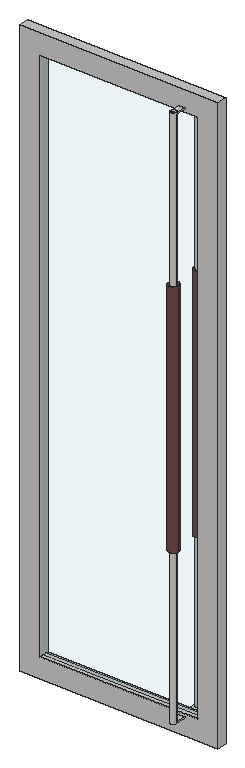
Revit family
Parameters
  프레임폭 = 100.00 mm
  프레임재질 = SSDW_1_스테인레스스틸
  프레임두께 = 50.00 mm
  유리재질 = Glass
  유리두께 = 17.00 mm
  Function = (empty or 0)
  Assembly Code = ""
Reference planes
  plane 1 "Center (Front/Back)": y = 0
  plane 2: z = 0
  plane 3 "Center (Left/Right)": x = -331.877
  plane 4: x = -831.877
  plane 5: x = 168.123
  plane 6 "Top": z = 2920
  plane 7: z = 1460
  plane 8: z = 2840
  plane 9: x = -11.877
  plane 10: z = 80
  plane 11 "AA": y = 80
  plane 12 "BB": y = -80
Forms (mm)
  Sweep 1, solid, material "SSDW_1_스테인레스스틸" <- "프레임재질"
    path origin (0, 0, 0) x (1, 0, 0) y (0, 0, 1)
      loop
        line (168.123, 2920) -> (-831.877, 2920) -> (-831.877, 0) -> (168.123, 0) -> (168.123, 2920)
    profile origin (-331.877, 0, 2920) x (0, 0, -1) y (0, -1, 0)
      loop
        line (0, -25) -> (100, -25) -> (100, 25) -> (0, 25) -> (0, -25)
  Extrusion 2, solid, material "Glass" <- "유리재질"
    sketch origin (0, 0, 0) x (1, 0, 0) y (0, 0, 1)
      loop
        line (68.123, 2820) -> (-731.877, 2820) -> (-731.877, 100) -> (68.123, 100) -> (68.123, 2820)
    from -8.5 to 8.5
  Revolve 3, solid, material "SSDW_1_스테인레스스틸" <- "프레임재질"
    sketch origin (0, 80, 0) x (1, 0, 0) y (0, 0, 1)
      loop
        line (-11.877, 2840) -> (-11.877, 80) -> (3.123, 80) -> (3.123, 2840) -> (-11.877, 2840)
      axis (-11.877, 2840) -> (-11.877, 80)
    angle from 0 to 360
  Extrusion 4, solid, material "SSDW_1_스테인레스스틸" <- "프레임재질"
    sketch origin (0, 80, 0) x (1, 0, 0) y (0, 0, 1)
      loop
        line (3.123, 2840) -> (-26.877, 2840) -> (-26.877, 2835) -> (3.123, 2835) -> (3.123, 2840)
      loop
        line (3.123, 80) -> (3.123, 85) -> (-26.877, 85) -> (-26.877, 80) -> (3.123, 80)
    from 0 to 80
  Revolve 5, solid, material "WOOD_HANDLE"
    sketch origin (0, 80, 0) x (1, 0, 0) y (0, 0, 1)
      loop
        line (-11.877, 2060) -> (-11.877, 860) -> (13.123, 860) -> (13.123, 2060) -> (-11.877, 2060)
      axis (-11.877, 2060) -> (-11.877, 860)
    angle from 0 to 360
  Revolve 6, solid, material "SSDW_1_스테인레스스틸" <- "프레임재질", not visible
    sketch origin (0, 80, 0) x (1, 0, 0) y (0, 0, 1)
      loop
        line (-11.877, 2520) -> (-11.877, 80) -> (3.123, 80) -> (3.123, 2520) -> (-11.877, 2520)
      axis (-11.877, 2520) -> (-11.877, 80)
    angle from 0 to 360
  Extrusion 7, solid, material "SSDW_1_스테인레스스틸" <- "프레임재질", not visible
    sketch origin (0, 80, 0) x (1, 0, 0) y (0, 0, 1)
      loop
        line (3.123, 2520) -> (-26.877, 2520) -> (-26.877, 2515) -> (3.123, 2515) -> (3.123, 2520)
      loop
        line (3.123, 80) -> (3.123, 85) -> (-26.877, 85) -> (-26.877, 80) -> (3.123, 80)
    from 0 to 80
  Revolve 8, solid, material "WOOD_HANDLE", not visible
    sketch origin (0, 80, 0) x (1, 0, 0) y (0, 0, 1)
      loop
        line (-11.877, 1900) -> (-11.877, 700) -> (13.123, 700) -> (13.123, 1900) -> (-11.877, 1900)
      axis (-11.877, 1900) -> (-11.877, 700)
    angle from 0 to 360
  Extrusion 9, solid, material "SSDW_1_스테인레스스틸" <- "프레임재질"
    sketch origin (0, -80, 0) x (1, 0, 0) y (0, 0, -1)
      loop
        line (3.123, -2840) -> (3.123, -2835) -> (-26.877, -2835) -> (-26.877, -2840) -> (3.123, -2840)
      loop
        line (3.123, -80) -> (-26.877, -80) -> (-26.877, -85) -> (3.123, -85) -> (3.123, -80)
    from 0 to 80
  Revolve 10, solid, material "SSDW_1_스테인레스스틸" <- "프레임재질"
    sketch origin (0, -80, 0) x (1, 0, 0) y (0, 0, 1)
      loop
        line (-11.877, 2840) -> (-11.877, 80) -> (3.123, 80) -> (3.123, 2840) -> (-11.877, 2840)
      axis (-11.877, 2840) -> (-11.877, 80)
    angle from 0 to 360
  Revolve 11, solid, material "WOOD_HANDLE"
    sketch origin (0, -80, 0) x (1, 0, 0) y (0, 0, 1)
      loop
        line (-11.877, 2060) -> (-11.877, 860) -> (13.123, 860) -> (13.123, 2060) -> (-11.877, 2060)
      axis (-11.877, 2060) -> (-11.877, 860)
    angle from 0 to 360
Cuts and joins
  joined: Revolve 3, Extrusion 4
Lines and regions (mm)
  symbolic lines
    curve 1: line (168.123, 80, 2920) -> (-831.877, 80, 1460)
    curve 2: line (-831.877, 80, 1460) -> (168.123, 80, 0)
  symbolic lines, style "DoorsPanelProjection"
    curve 3: line (-831.877, 0, 0) -> (-796.877, 0, 0)
    curve 4: line (-831.877, -1000, 0) -> (-831.877, 0, 0)
    curve 5: line (-796.877, -1000, 0) -> (-831.877, -1000, 0)
    curve 6: line (-796.877, 0, 0) -> (-796.877, -1000, 0)
    curve 7: arc (168.123, 0, 0) -> (-124.77, -707.107, 0) -> (-831.877, -1000, 0) r 1000
Text (mm)
  text "Exterior" at (-1161.5, 797.241, 0), in view "Ref. Level"
Dimensions and locks
  equal spacing: plane 4, plane 3 "Center (Left/Right)", plane 5
  "프레임폭": Sweep 1 sketch curve to plane 6 "Top"
  equal spacing: Sweep 1 sketch curve, profile plane, Sweep 1 sketch curve
  "프레임두께": Sweep 1 sketch curve to Sweep 1 sketch curve
  equal spacing: Extrusion 2, plane 1 "Center (Front/Back)", Extrusion 2
  "유리두께": Extrusion 2 to Extrusion 2
  equal spacing: plane 2, plane 7, plane 6 "Top"
  locked: plane 10 to Sweep 1 at 20
  locked: plane 1 "Center (Front/Back)" to plane 11 "AA" at 80
  locked: plane 9 to plane 5 at 180
  locked: plane 8 to plane 6 "Top" at 80
  locked: plane 2 to plane 10 at 80
  locked: plane 1 "Center (Front/Back)" to plane 12 "BB" at 80
  locked: plane 7 to Revolve 5 sketch curve at 600
  locked: Revolve 5 sketch curve to plane 7 at 600
  locked: Revolve 5 to plane 7 at 600
  locked: plane 7 to Revolve 5 at 600  (x2)
  locked: plane 7 to Revolve 11 sketch curve at 600
  aligned and locked: plane 5 to Sweep 1 sketch curve
  aligned and locked: Sweep 1 sketch curve to plane 6 "Top"
  aligned and locked: plane 2 to Sweep 1 sketch curve
  aligned and locked: plane 4 to Sweep 1 sketch curve
  aligned and locked: plane 6 "Top" to Sweep 1 sketch curve
  aligned and locked: Extrusion 2 sketch curve to Sweep 1  (x3)
  aligned and locked: Sweep 1 to Extrusion 2 sketch curve
  aligned and locked: Extrusion 4 sketch curve to Revolve 3
  aligned and locked: plane 1 "Center (Front/Back)" to Extrusion 4
  aligned and locked: Extrusion 4 to plane 1 "Center (Front/Back)"
  aligned and locked: Extrusion 7 sketch curve to Revolve 6
  aligned and locked: Extrusion 9 to plane 12 "BB"
  aligned and locked: Extrusion 9 to plane 1 "Center (Front/Back)"
  aligned and locked: plane 8 to Extrusion 9
  aligned and locked: plane 10 to Extrusion 9
Automatic sketch dimensions
  Revolve 8 sketch curve to Revolve 8 sketch curve = 260.00 mm
  Revolve 6 sketch curve to Revolve 6 sketch curve = 0.00 mm  (x3)
  Revolve 6 sketch curve to Revolve 6 sketch curve = 15.00 mm
  Revolve 6 sketch curve to Revolve 6 sketch curve = 2440.00 mm
  Extrusion 7 sketch curve to Extrusion 7 sketch curve = 0.00 mm
  Extrusion 7 sketch curve to Extrusion 7 sketch curve = 30.00 mm  (x2)
  Extrusion 7 sketch curve to Extrusion 7 sketch curve = 5.00 mm  (x2)
  Extrusion 7 sketch curve to Extrusion 7 sketch curve = 2430.00 mm
  Revolve 8 sketch curve to Revolve 8 sketch curve = 0.00 mm
  Revolve 8 sketch curve to Revolve 8 sketch curve = 25.00 mm
  Revolve 8 sketch curve to Revolve 8 sketch curve = 340.00 mm
  Revolve 8 sketch curve to Revolve 8 sketch curve = 1200.00 mm
  Revolve 3 sketch curve to plane 8 = 0.00 mm  (x2)
  Revolve 3 sketch curve to plane 9 = 0.00 mm  (x2)
  Revolve 3 sketch curve to plane 10 = 0.00 mm  (x2)
  Revolve 3 sketch curve to plane 9 = 15.00 mm
  Extrusion 4 sketch curve to plane 8 = 0.00 mm
  Extrusion 4 sketch curve to plane 10 = 5.00 mm
  plane 9 to Extrusion 4 sketch curve = 15.00 mm  (x2)
  Extrusion 4 sketch curve to plane 9 = 15.00 mm  (x2)
  Extrusion 4 sketch curve to plane 8 = 5.00 mm
  Revolve 5 sketch curve to plane 9 = 0.00 mm  (x2)
  Revolve 5 sketch curve to plane 9 = 25.00 mm
  Revolve 5 sketch curve to plane 10 = 280.00 mm
  Revolve 5 sketch curve to Revolve 5 sketch curve = 100.00 mm
  curve 1 to plane 4 = 0.00 mm
  curve 2 to level = 0.00 mm
  curve 2 to plane 5 = 0.00 mm
  curve 1 to plane 5 = 0.00 mm
  curve 2 to plane 7 = 0.00 mm
  curve 1 to plane 6 "Top" = 0.00 mm
  curve 3 to plane 1 "Center (Front/Back)" = 0.00 mm
  curve 3 to plane 4 = 0.00 mm
  Extrusion 9 sketch curve to plane 8 = 0.00 mm
  Extrusion 9 sketch curve to plane 10 = 0.00 mm
  Extrusion 9 sketch curve to plane 10 = 5.00 mm
  plane 9 to Extrusion 9 sketch curve = 15.00 mm  (x2)
  Extrusion 9 sketch curve to plane 9 = 15.00 mm  (x2)
  Extrusion 9 sketch curve to plane 8 = 5.00 mm
  Revolve 10 sketch curve to plane 8 = 0.00 mm  (x2)
  Revolve 10 sketch curve to plane 9 = 0.00 mm  (x2)
  Revolve 10 sketch curve to plane 10 = 0.00 mm  (x2)
  plane 9 to Revolve 10 sketch curve = 15.00 mm
  Revolve 11 sketch curve to plane 9 = 0.00 mm  (x2)
  plane 9 to Revolve 11 sketch curve = 25.00 mm
  plane 10 to Revolve 11 sketch curve = 280.00 mm
  Revolve 11 sketch curve to plane 7 = 600.00 mm
  Revolve 11 sketch curve to Revolve 11 sketch curve = 260.00 mm
  curve 7 to plane 1 "Center (Front/Back)" = 0.00 mm
  curve 7 to plane 5 = 0.00 mm
  curve 6 to plane 4 = 35.00 mm
